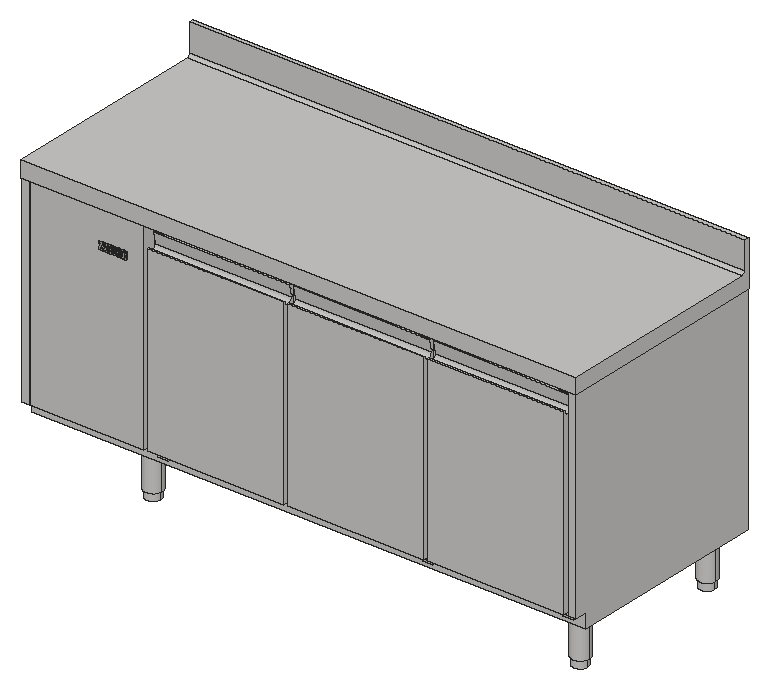
Revit family "QF_ZANUSSI_111101_ZH3K3AAA", category Specialty Equipment, Revit 2018 (continued)
Definition of nested family "ZAN_Cooling Unit"
  Lines and regions (mm)
    Split face 129
      outline origin (55.016, 2, -293.144) x (0, 0, 1) y (-1, 0, 0)
        loop
          arc (502.647, 116.535) -> (506.648, 112.533) -> (510.649, 116.535) r 4.001
          line (510.649, 116.535) -> (510.649, 158.547)
    Split face 130
      outline origin (110.032, 2, -113.091) x (0, 0, 1) y (-1, 0, 0)
        loop
          arc (510.649, 158.547) -> (506.648, 162.548) -> (502.647, 158.547) r 4.001
          line (502.647, 158.547) -> (502.647, 116.535)
          arc (502.647, 116.535) -> (506.648, 112.533) -> (510.649, 116.535) r 4.001
          line (510.649, 116.535) -> (510.649, 158.547)
    Split face 131
      outline origin (110.032, 2, -125.094) x (0, 0, 1) y (-1, 0, 0)
        loop
          arc (510.649, 158.547) -> (506.648, 162.548) -> (502.647, 158.547) r 4.001
          line (502.647, 158.547) -> (502.647, 116.535)
          arc (502.647, 116.535) -> (506.648, 112.533) -> (510.649, 116.535) r 4.001
          line (510.649, 116.535) -> (510.649, 158.547)
    Split face 132
      outline origin (110.032, 2, -137.098) x (0, 0, 1) y (-1, 0, 0)
        loop
          arc (510.649, 158.547) -> (506.648, 162.548) -> (502.647, 158.547) r 4.001
          line (502.647, 158.547) -> (502.647, 116.535)
          arc (502.647, 116.535) -> (506.648, 112.533) -> (510.649, 116.535) r 4.001
          line (510.649, 116.535) -> (510.649, 158.547)
    Split face 133
      outline origin (110.032, 2, -149.101) x (0, 0, 1) y (-1, 0, 0)
        loop
          arc (510.649, 158.547) -> (506.648, 162.548) -> (502.647, 158.547) r 4.001
          line (502.647, 158.547) -> (502.647, 116.535)
          arc (502.647, 116.535) -> (506.648, 112.533) -> (510.649, 116.535) r 4.001
          line (510.649, 116.535) -> (510.649, 158.547)
    Split face 134
      outline origin (110.032, 2, -161.105) x (0, 0, 1) y (-1, 0, 0)
        loop
          arc (510.649, 158.547) -> (506.648, 162.548) -> (502.647, 158.547) r 4.001
          line (502.647, 158.547) -> (502.647, 116.535)
          arc (502.647, 116.535) -> (506.648, 112.533) -> (510.649, 116.535) r 4.001
          line (510.649, 116.535) -> (510.649, 158.547)
    Split face 135
      outline origin (110.032, 2, -173.108) x (0, 0, 1) y (-1, 0, 0)
        loop
          arc (510.649, 158.547) -> (506.648, 162.548) -> (502.647, 158.547) r 4.001
          line (502.647, 158.547) -> (502.647, 116.535)
          arc (502.647, 116.535) -> (506.648, 112.533) -> (510.649, 116.535) r 4.001
          line (510.649, 116.535) -> (510.649, 158.547)
    Split face 136
      outline origin (110.032, 2, -185.112) x (0, 0, 1) y (-1, 0, 0)
        loop
          arc (510.649, 158.547) -> (506.648, 162.548) -> (502.647, 158.547) r 4.001
          line (502.647, 158.547) -> (502.647, 116.535)
          arc (502.647, 116.535) -> (506.648, 112.533) -> (510.649, 116.535) r 4.001
          line (510.649, 116.535) -> (510.649, 158.547)
    Split face 137
      outline origin (110.032, 2, -197.115) x (0, 0, 1) y (-1, 0, 0)
        loop
          arc (510.649, 158.547) -> (506.648, 162.548) -> (502.647, 158.547) r 4.001
          line (502.647, 158.547) -> (502.647, 116.535)
          arc (502.647, 116.535) -> (506.648, 112.533) -> (510.649, 116.535) r 4.001
          line (510.649, 116.535) -> (510.649, 158.547)
    Split face 138
      outline origin (110.032, 2, -209.119) x (0, 0, 1) y (-1, 0, 0)
        loop
          arc (510.649, 158.547) -> (506.648, 162.548) -> (502.647, 158.547) r 4.001
          line (502.647, 158.547) -> (502.647, 116.535)
          arc (502.647, 116.535) -> (506.648, 112.533) -> (510.649, 116.535) r 4.001
          line (510.649, 116.535) -> (510.649, 158.547)
    Split face 139
      outline origin (110.032, 2, -221.122) x (0, 0, 1) y (-1, 0, 0)
        loop
          arc (510.649, 158.547) -> (506.648, 162.548) -> (502.647, 158.547) r 4.001
          line (502.647, 158.547) -> (502.647, 116.535)
          arc (502.647, 116.535) -> (506.648, 112.533) -> (510.649, 116.535) r 4.001
          line (510.649, 116.535) -> (510.649, 158.547)
    Split face 140
      outline origin (110.032, 2, -233.126) x (0, 0, 1) y (-1, 0, 0)
        loop
          arc (510.649, 158.547) -> (506.648, 162.548) -> (502.647, 158.547) r 4.001
          line (502.647, 158.547) -> (502.647, 116.535)
          arc (502.647, 116.535) -> (506.648, 112.533) -> (510.649, 116.535) r 4.001
          line (510.649, 116.535) -> (510.649, 158.547)
    Split face 141
      outline origin (110.032, 2, -245.129) x (0, 0, 1) y (-1, 0, 0)
        loop
          arc (510.649, 158.547) -> (506.648, 162.548) -> (502.647, 158.547) r 4.001
          line (502.647, 158.547) -> (502.647, 116.535)
          arc (502.647, 116.535) -> (506.648, 112.533) -> (510.649, 116.535) r 4.001
          line (510.649, 116.535) -> (510.649, 158.547)
    Split face 142
      outline origin (110.032, 2, -257.133) x (0, 0, 1) y (-1, 0, 0)
        loop
          arc (510.649, 158.547) -> (506.648, 162.548) -> (502.647, 158.547) r 4.001
          line (502.647, 158.547) -> (502.647, 116.535)
          arc (502.647, 116.535) -> (506.648, 112.533) -> (510.649, 116.535) r 4.001
          line (510.649, 116.535) -> (510.649, 158.547)
    Split face 143
      outline origin (110.032, 2, -269.136) x (0, 0, 1) y (-1, 0, 0)
        loop
          arc (510.649, 158.547) -> (506.648, 162.548) -> (502.647, 158.547) r 4.001
          line (502.647, 158.547) -> (502.647, 116.535)
          arc (502.647, 116.535) -> (506.648, 112.533) -> (510.649, 116.535) r 4.001
          line (510.649, 116.535) -> (510.649, 158.547)
    Split face 144
      outline origin (110.032, 2, -281.14) x (0, 0, 1) y (-1, 0, 0)
        loop
          arc (510.649, 158.547) -> (506.648, 162.548) -> (502.647, 158.547) r 4.001
          line (502.647, 158.547) -> (502.647, 116.535)
          arc (502.647, 116.535) -> (506.648, 112.533) -> (510.649, 116.535) r 4.001
          line (510.649, 116.535) -> (510.649, 158.547)
    Split face 145
      outline origin (110.032, 2, -293.144) x (0, 0, 1) y (-1, 0, 0)
        loop
          arc (510.649, 158.547) -> (506.648, 162.548) -> (502.647, 158.547) r 4.001
          line (502.647, 158.547) -> (502.647, 116.535)
          arc (502.647, 116.535) -> (506.648, 112.533) -> (510.649, 116.535) r 4.001
          line (510.649, 116.535) -> (510.649, 158.547)
    Split face 146
      outline origin (165.048, 2, -113.091) x (0, 0, 1) y (-1, 0, 0)
        loop
          arc (510.649, 158.547) -> (506.648, 162.548) -> (502.647, 158.547) r 4.001
          line (502.647, 158.547) -> (502.647, 116.535)
          arc (502.647, 116.535) -> (506.648, 112.533) -> (510.649, 116.535) r 4.001
          line (510.649, 116.535) -> (510.649, 158.547)
    Split face 147
      outline origin (165.048, 2, -125.094) x (0, 0, 1) y (-1, 0, 0)
        loop
          arc (510.649, 158.547) -> (506.648, 162.548) -> (502.647, 158.547) r 4.001
          line (502.647, 158.547) -> (502.647, 116.535)
          arc (502.647, 116.535) -> (506.648, 112.533) -> (510.649, 116.535) r 4.001
          line (510.649, 116.535) -> (510.649, 158.547)
    Split face 148
      outline origin (165.048, 2, -137.098) x (0, 0, 1) y (-1, 0, 0)
        loop
          arc (510.649, 158.547) -> (506.648, 162.548) -> (502.647, 158.547) r 4.001
          line (502.647, 158.547) -> (502.647, 116.535)
          arc (502.647, 116.535) -> (506.648, 112.533) -> (510.649, 116.535) r 4.001
          line (510.649, 116.535) -> (510.649, 158.547)
    Split face 149
      outline origin (165.048, 2, -149.101) x (0, 0, 1) y (-1, 0, 0)
        loop
          arc (510.649, 158.547) -> (506.648, 162.548) -> (502.647, 158.547) r 4.001
          line (502.647, 158.547) -> (502.647, 116.535)
          arc (502.647, 116.535) -> (506.648, 112.533) -> (510.649, 116.535) r 4.001
          line (510.649, 116.535) -> (510.649, 158.547)
    Split face 150
      outline origin (165.048, 2, -161.105) x (0, 0, 1) y (-1, 0, 0)
        loop
          arc (510.649, 158.547) -> (506.648, 162.548) -> (502.647, 158.547) r 4.001
          line (502.647, 158.547) -> (502.647, 116.535)
          arc (502.647, 116.535) -> (506.648, 112.533) -> (510.649, 116.535) r 4.001
          line (510.649, 116.535) -> (510.649, 158.547)
    Split face 151
      outline origin (165.048, 2, -173.108) x (0, 0, 1) y (-1, 0, 0)
        loop
          arc (510.649, 158.547) -> (506.648, 162.548) -> (502.647, 158.547) r 4.001
          line (502.647, 158.547) -> (502.647, 116.535)
          arc (502.647, 116.535) -> (506.648, 112.533) -> (510.649, 116.535) r 4.001
          line (510.649, 116.535) -> (510.649, 158.547)
    Split face 152
      outline origin (165.048, 2, -185.112) x (0, 0, 1) y (-1, 0, 0)
        loop
          arc (510.649, 158.547) -> (506.648, 162.548) -> (502.647, 158.547) r 4.001
          line (502.647, 158.547) -> (502.647, 116.535)
          arc (502.647, 116.535) -> (506.648, 112.533) -> (510.649, 116.535) r 4.001
          line (510.649, 116.535) -> (510.649, 158.547)
    Split face 153
      outline origin (165.048, 2, -197.115) x (0, 0, 1) y (-1, 0, 0)
        loop
          arc (510.649, 158.547) -> (506.648, 162.548) -> (502.647, 158.547) r 4.001
          line (502.647, 158.547) -> (502.647, 116.535)
          arc (502.647, 116.535) -> (506.648, 112.533) -> (510.649, 116.535) r 4.001
          line (510.649, 116.535) -> (510.649, 158.547)
    Split face 154
      outline origin (165.048, 2, -209.119) x (0, 0, 1) y (-1, 0, 0)
        loop
          arc (510.649, 158.547) -> (506.648, 162.548) -> (502.647, 158.547) r 4.001
          line (502.647, 158.547) -> (502.647, 116.535)
          arc (502.647, 116.535) -> (506.648, 112.533) -> (510.649, 116.535) r 4.001
          line (510.649, 116.535) -> (510.649, 158.547)
    Split face 155
      outline origin (165.048, 2, -221.122) x (0, 0, 1) y (-1, 0, 0)
        loop
          arc (510.649, 158.547) -> (506.648, 162.548) -> (502.647, 158.547) r 4.001
          line (502.647, 158.547) -> (502.647, 116.535)
          arc (502.647, 116.535) -> (506.648, 112.533) -> (510.649, 116.535) r 4.001
          line (510.649, 116.535) -> (510.649, 158.547)
    Split face 156
      outline origin (165.048, 2, -233.126) x (0, 0, 1) y (-1, 0, 0)
        loop
          arc (510.649, 158.547) -> (506.648, 162.548) -> (502.647, 158.547) r 4.001
          line (502.647, 158.547) -> (502.647, 116.535)
          arc (502.647, 116.535) -> (506.648, 112.533) -> (510.649, 116.535) r 4.001
          line (510.649, 116.535) -> (510.649, 158.547)
    Split face 157
      outline origin (165.048, 2, -245.129) x (0, 0, 1) y (-1, 0, 0)
        loop
          arc (510.649, 158.547) -> (506.648, 162.548) -> (502.647, 158.547) r 4.001
          line (502.647, 158.547) -> (502.647, 116.535)
          arc (502.647, 116.535) -> (506.648, 112.533) -> (510.649, 116.535) r 4.001
          line (510.649, 116.535) -> (510.649, 158.547)
    Split face 158
      outline origin (165.048, 2, -257.133) x (0, 0, 1) y (-1, 0, 0)
        loop
          arc (510.649, 158.547) -> (506.648, 162.548) -> (502.647, 158.547) r 4.001
          line (502.647, 158.547) -> (502.647, 116.535)
          arc (502.647, 116.535) -> (506.648, 112.533) -> (510.649, 116.535) r 4.001
          line (510.649, 116.535) -> (510.649, 158.547)
    Split face 159
      outline origin (165.048, 2, -269.136) x (0, 0, 1) y (-1, 0, 0)
        loop
          arc (510.649, 158.547) -> (506.648, 162.548) -> (502.647, 158.547) r 4.001
          line (502.647, 158.547) -> (502.647, 116.535)
          arc (502.647, 116.535) -> (506.648, 112.533) -> (510.649, 116.535) r 4.001
          line (510.649, 116.535) -> (510.649, 158.547)
    Split face 160
      outline origin (165.048, 2, -281.14) x (0, 0, 1) y (-1, 0, 0)
        loop
          arc (510.649, 158.547) -> (506.648, 162.548) -> (502.647, 158.547) r 4.001
          line (502.647, 158.547) -> (502.647, 116.535)
          arc (502.647, 116.535) -> (506.648, 112.533) -> (510.649, 116.535) r 4.001
          line (510.649, 116.535) -> (510.649, 158.547)
    Split face 161
      outline origin (165.048, 2, -293.144) x (0, 0, 1) y (-1, 0, 0)
        loop
          arc (510.649, 158.547) -> (506.648, 162.548) -> (502.647, 158.547) r 4.001
          line (502.647, 158.547) -> (502.647, 116.535)
          arc (502.647, 116.535) -> (506.648, 112.533) -> (510.649, 116.535) r 4.001
          line (510.649, 116.535) -> (510.649, 158.547)
    Split face 162
      outline origin (220.064, 2, -113.091) x (0, 0, 1) y (-1, 0, 0)
        loop
          arc (510.649, 158.547) -> (506.648, 162.548) -> (502.647, 158.547) r 4.001
          line (502.647, 158.547) -> (502.647, 116.535)
          arc (502.647, 116.535) -> (506.648, 112.533) -> (510.649, 116.535) r 4.001
          line (510.649, 116.535) -> (510.649, 158.547)
    Split face 163
      outline origin (220.064, 2, -125.094) x (0, 0, 1) y (-1, 0, 0)
        loop
          arc (510.649, 158.547) -> (506.648, 162.548) -> (502.647, 158.547) r 4.001
          line (502.647, 158.547) -> (502.647, 116.535)
          arc (502.647, 116.535) -> (506.648, 112.533) -> (510.649, 116.535) r 4.001
          line (510.649, 116.535) -> (510.649, 158.547)
    Split face 164
      outline origin (220.064, 2, -137.098) x (0, 0, 1) y (-1, 0, 0)
        loop
          arc (510.649, 158.547) -> (506.648, 162.548) -> (502.647, 158.547) r 4.001
          line (502.647, 158.547) -> (502.647, 116.535)
          arc (502.647, 116.535) -> (506.648, 112.533) -> (510.649, 116.535) r 4.001
          line (510.649, 116.535) -> (510.649, 158.547)
    Split face 165
      outline origin (220.064, 2, -149.101) x (0, 0, 1) y (-1, 0, 0)
        loop
          arc (510.649, 158.547) -> (506.648, 162.548) -> (502.647, 158.547) r 4.001
          line (502.647, 158.547) -> (502.647, 116.535)
          arc (502.647, 116.535) -> (506.648, 112.533) -> (510.649, 116.535) r 4.001
          line (510.649, 116.535) -> (510.649, 158.547)
    Split face 166
      outline origin (220.064, 2, -161.105) x (0, 0, 1) y (-1, 0, 0)
        loop
          arc (510.649, 158.547) -> (506.648, 162.548) -> (502.647, 158.547) r 4.001
          line (502.647, 158.547) -> (502.647, 116.535)
          arc (502.647, 116.535) -> (506.648, 112.533) -> (510.649, 116.535) r 4.001
          line (510.649, 116.535) -> (510.649, 158.547)
    Split face 167
      outline origin (220.064, 2, -173.108) x (0, 0, 1) y (-1, 0, 0)
        loop
          arc (510.649, 158.547) -> (506.648, 162.548) -> (502.647, 158.547) r 4.001
          line (502.647, 158.547) -> (502.647, 116.535)
          arc (502.647, 116.535) -> (506.648, 112.533) -> (510.649, 116.535) r 4.001
          line (510.649, 116.535) -> (510.649, 158.547)
    Split face 168
      outline origin (220.064, 2, -185.112) x (0, 0, 1) y (-1, 0, 0)
        loop
          arc (510.649, 158.547) -> (506.648, 162.548) -> (502.647, 158.547) r 4.001
          line (502.647, 158.547) -> (502.647, 116.535)
          arc (502.647, 116.535) -> (506.648, 112.533) -> (510.649, 116.535) r 4.001
          line (510.649, 116.535) -> (510.649, 158.547)
    Split face 169
      outline origin (220.064, 2, -197.115) x (0, 0, 1) y (-1, 0, 0)
        loop
          arc (510.649, 158.547) -> (506.648, 162.548) -> (502.647, 158.547) r 4.001
          line (502.647, 158.547) -> (502.647, 116.535)
          arc (502.647, 116.535) -> (506.648, 112.533) -> (510.649, 116.535) r 4.001
          line (510.649, 116.535) -> (510.649, 158.547)
    Split face 170
      outline origin (220.064, 2, -209.119) x (0, 0, 1) y (-1, 0, 0)
        loop
          arc (510.649, 158.547) -> (506.648, 162.548) -> (502.647, 158.547) r 4.001
          line (502.647, 158.547) -> (502.647, 116.535)
          arc (502.647, 116.535) -> (506.648, 112.533) -> (510.649, 116.535) r 4.001
          line (510.649, 116.535) -> (510.649, 158.547)
    Split face 171
      outline origin (220.064, 2, -221.122) x (0, 0, 1) y (-1, 0, 0)
        loop
          arc (510.649, 158.547) -> (506.648, 162.548) -> (502.647, 158.547) r 4.001
          line (502.647, 158.547) -> (502.647, 116.535)
          arc (502.647, 116.535) -> (506.648, 112.533) -> (510.649, 116.535) r 4.001
          line (510.649, 116.535) -> (510.649, 158.547)
    Split face 172
      outline origin (220.064, 2, -233.126) x (0, 0, 1) y (-1, 0, 0)
        loop
          arc (510.649, 158.547) -> (506.648, 162.548) -> (502.647, 158.547) r 4.001
          line (502.647, 158.547) -> (502.647, 116.535)
          arc (502.647, 116.535) -> (506.648, 112.533) -> (510.649, 116.535) r 4.001
          line (510.649, 116.535) -> (510.649, 158.547)
    Split face 173
      outline origin (220.064, 2, -245.129) x (0, 0, 1) y (-1, 0, 0)
        loop
          arc (510.649, 158.547) -> (506.648, 162.548) -> (502.647, 158.547) r 4.001
          line (502.647, 158.547) -> (502.647, 116.535)
          arc (502.647, 116.535) -> (506.648, 112.533) -> (510.649, 116.535) r 4.001
          line (510.649, 116.535) -> (510.649, 158.547)
    Split face 174
      outline origin (220.064, 2, -257.133) x (0, 0, 1) y (-1, 0, 0)
        loop
          arc (510.649, 158.547) -> (506.648, 162.548) -> (502.647, 158.547) r 4.001
          line (502.647, 158.547) -> (502.647, 116.535)
          arc (502.647, 116.535) -> (506.648, 112.533) -> (510.649, 116.535) r 4.001
          line (510.649, 116.535) -> (510.649, 158.547)
    Split face 175
      outline origin (220.064, 2, -269.136) x (0, 0, 1) y (-1, 0, 0)
        loop
          arc (510.649, 158.547) -> (506.648, 162.548) -> (502.647, 158.547) r 4.001
          line (502.647, 158.547) -> (502.647, 116.535)
          arc (502.647, 116.535) -> (506.648, 112.533) -> (510.649, 116.535) r 4.001
          line (510.649, 116.535) -> (510.649, 158.547)
    Split face 176
      outline origin (220.064, 2, -281.14) x (0, 0, 1) y (-1, 0, 0)
        loop
          arc (510.649, 158.547) -> (506.648, 162.548) -> (502.647, 158.547) r 4.001
          line (502.647, 158.547) -> (502.647, 116.535)
          arc (502.647, 116.535) -> (506.648, 112.533) -> (510.649, 116.535) r 4.001
          line (510.649, 116.535) -> (510.649, 158.547)
    Split face 177
      outline origin (220.064, 2, -293.144) x (0, 0, 1) y (-1, 0, 0)
        loop
          arc (510.649, 158.547) -> (506.648, 162.548) -> (502.647, 158.547) r 4.001
          line (502.647, 158.547) -> (502.647, 116.535)
          arc (502.647, 116.535) -> (506.648, 112.533) -> (510.649, 116.535) r 4.001
          line (510.649, 116.535) -> (510.649, 158.547)
    Split face 178
      outline origin (275.081, 2, -113.091) x (0, 0, 1) y (-1, 0, 0)
        loop
          arc (510.649, 158.547) -> (506.648, 162.548) -> (502.647, 158.547) r 4.001
          line (502.647, 158.547) -> (502.647, 116.535)
          arc (502.647, 116.535) -> (506.648, 112.533) -> (510.649, 116.535) r 4.001
          line (510.649, 116.535) -> (510.649, 158.547)
    Split face 179
      outline origin (275.081, 2, -125.094) x (0, 0, 1) y (-1, 0, 0)
        loop
          arc (510.649, 158.547) -> (506.648, 162.548) -> (502.647, 158.547) r 4.001
          line (502.647, 158.547) -> (502.647, 116.535)
          arc (502.647, 116.535) -> (506.648, 112.533) -> (510.649, 116.535) r 4.001
          line (510.649, 116.535) -> (510.649, 158.547)
    Split face 180
      outline origin (275.081, 2, -137.098) x (0, 0, 1) y (-1, 0, 0)
        loop
          arc (510.649, 158.547) -> (506.648, 162.548) -> (502.647, 158.547) r 4.001
          line (502.647, 158.547) -> (502.647, 116.535)
          arc (502.647, 116.535) -> (506.648, 112.533) -> (510.649, 116.535) r 4.001
          line (510.649, 116.535) -> (510.649, 158.547)
    Split face 181
      outline origin (275.081, 2, -149.101) x (0, 0, 1) y (-1, 0, 0)
        loop
          arc (510.649, 158.547) -> (506.648, 162.548) -> (502.647, 158.547) r 4.001
          line (502.647, 158.547) -> (502.647, 116.535)
          arc (502.647, 116.535) -> (506.648, 112.533) -> (510.649, 116.535) r 4.001
          line (510.649, 116.535) -> (510.649, 158.547)
    Split face 182
      outline origin (275.081, 2, -161.105) x (0, 0, 1) y (-1, 0, 0)
        loop
          arc (510.649, 158.547) -> (506.648, 162.548) -> (502.647, 158.547) r 4.001
          line (502.647, 158.547) -> (502.647, 116.535)
          arc (502.647, 116.535) -> (506.648, 112.533) -> (510.649, 116.535) r 4.001
          line (510.649, 116.535) -> (510.649, 158.547)
    Split face 183
      outline origin (275.081, 2, -173.108) x (0, 0, 1) y (-1, 0, 0)
        loop
          arc (510.649, 158.547) -> (506.648, 162.548) -> (502.647, 158.547) r 4.001
          line (502.647, 158.547) -> (502.647, 116.535)
          arc (502.647, 116.535) -> (506.648, 112.533) -> (510.649, 116.535) r 4.001
          line (510.649, 116.535) -> (510.649, 158.547)
    Split face 184
      outline origin (275.081, 2, -185.112) x (0, 0, 1) y (-1, 0, 0)
        loop
          arc (510.649, 158.547) -> (506.648, 162.548) -> (502.647, 158.547) r 4.001
          line (502.647, 158.547) -> (502.647, 116.535)
          arc (502.647, 116.535) -> (506.648, 112.533) -> (510.649, 116.535) r 4.001
          line (510.649, 116.535) -> (510.649, 158.547)
    Split face 185
      outline origin (275.081, 2, -197.115) x (0, 0, 1) y (-1, 0, 0)
        loop
          arc (510.649, 158.547) -> (506.648, 162.548) -> (502.647, 158.547) r 4.001
          line (502.647, 158.547) -> (502.647, 116.535)
          arc (502.647, 116.535) -> (506.648, 112.533) -> (510.649, 116.535) r 4.001
          line (510.649, 116.535) -> (510.649, 158.547)
    Split face 186
      outline origin (275.081, 2, -209.119) x (0, 0, 1) y (-1, 0, 0)
        loop
          arc (510.649, 158.547) -> (506.648, 162.548) -> (502.647, 158.547) r 4.001
          line (502.647, 158.547) -> (502.647, 116.535)
          arc (502.647, 116.535) -> (506.648, 112.533) -> (510.649, 116.535) r 4.001
          line (510.649, 116.535) -> (510.649, 158.547)
    Split face 187
      outline origin (275.081, 2, -221.122) x (0, 0, 1) y (-1, 0, 0)
        loop
          arc (510.649, 158.547) -> (506.648, 162.548) -> (502.647, 158.547) r 4.001
          line (502.647, 158.547) -> (502.647, 116.535)
          arc (502.647, 116.535) -> (506.648, 112.533) -> (510.649, 116.535) r 4.001
          line (510.649, 116.535) -> (510.649, 158.547)
    Split face 188
      outline origin (275.081, 2, -233.126) x (0, 0, 1) y (-1, 0, 0)
        loop
          arc (510.649, 158.547) -> (506.648, 162.548) -> (502.647, 158.547) r 4.001
          line (502.647, 158.547) -> (502.647, 116.535)
          arc (502.647, 116.535) -> (506.648, 112.533) -> (510.649, 116.535) r 4.001
          line (510.649, 116.535) -> (510.649, 158.547)
    Split face 189
      outline origin (275.081, 2, -245.129) x (0, 0, 1) y (-1, 0, 0)
        loop
          arc (510.649, 158.547) -> (506.648, 162.548) -> (502.647, 158.547) r 4.001
          line (502.647, 158.547) -> (502.647, 116.535)
          arc (502.647, 116.535) -> (506.648, 112.533) -> (510.649, 116.535) r 4.001
          line (510.649, 116.535) -> (510.649, 158.547)
    Split face 190
      outline origin (275.081, 2, -257.133) x (0, 0, 1) y (-1, 0, 0)
        loop
          arc (510.649, 158.547) -> (506.648, 162.548) -> (502.647, 158.547) r 4.001
          line (502.647, 158.547) -> (502.647, 116.535)
          arc (502.647, 116.535) -> (506.648, 112.533) -> (510.649, 116.535) r 4.001
          line (510.649, 116.535) -> (510.649, 158.547)
    Split face 191
      outline origin (275.081, 2, -269.136) x (0, 0, 1) y (-1, 0, 0)
        loop
          arc (510.649, 158.547) -> (506.648, 162.548) -> (502.647, 158.547) r 4.001
          line (502.647, 158.547) -> (502.647, 116.535)
          arc (502.647, 116.535) -> (506.648, 112.533) -> (510.649, 116.535) r 4.001
          line (510.649, 116.535) -> (510.649, 158.547)
    Split face 192
      outline origin (275.081, 2, -281.14) x (0, 0, 1) y (-1, 0, 0)
        loop
          arc (510.649, 158.547) -> (506.648, 162.548) -> (502.647, 158.547) r 4.001
          line (502.647, 158.547) -> (502.647, 116.535)
          arc (502.647, 116.535) -> (506.648, 112.533) -> (510.649, 116.535) r 4.001
          line (510.649, 116.535) -> (510.649, 158.547)
    Split face 193
      outline origin (275.081, 2, -293.144) x (0, 0, 1) y (-1, 0, 0)
        loop
          arc (510.649, 158.547) -> (506.648, 162.548) -> (502.647, 158.547) r 4.001
          line (502.647, 158.547) -> (502.647, 116.535)
          arc (502.647, 116.535) -> (506.648, 112.533) -> (510.649, 116.535) r 4.001
          line (510.649, 116.535) -> (510.649, 158.547)
    Split face 194
      outline origin (0, 2, 197) x (0, 0, 1) y (-1, 0, 0)
        loop
          spline (566.835, 20.381) -> (564.628, 19.058) -> (561.987, 18.027) -> (558.955, 17.386) -> (555.581, 17.244) -> (551.912, 17.703) -> (547.993, 18.863) -> (543.871, 20.83) -> (539.591, 23.706) -> (535.202, 27.594) -> (530.748, 32.597) -> (526.28, 38.824) -> (521.835, 46.362)
        loop
          spline (521.835, 58.392) -> (525.386, 49.242) -> (529.197, 41.481) -> (533.2, 35.023) -> (537.329, 29.786) -> (541.516, 25.684) -> (545.695, 22.634) -> (549.798, 20.552) -> (553.759, 19.355) -> (557.511, 18.958) -> (560.984, 19.275) -> (564.115, 20.227) -> (566.835, 21.726)
    Split face 195
      outline origin (0, 2, 197) x (0, 0, 1) y (-1, 0, 0)
        loop
          line (555.835, 149.5) -> (532.835, 149.5) -> (532.835, 94.5) -> (555.835, 94.5) -> (555.835, 149.5)
  Dimensions and locks
    aligned and locked: level to plane 2
  Nested families
    nested 1: "ZAN_Logo_S_Grey" at (85, 2, 741.213) x (1, 0, 0) z (0, -1, 0), visible <- "Show Logo", type "ZAN_Logo_S_Grey"
  Definition of nested family "ZAN_Logo_S_Grey"
    Parameters
      Default Elevation = 0 mm
    Reference planes
      plane 1 "Centro (Fronte/Retro)": y = 0
      plane 2: z = 0
      plane 3 "Centro (Sinistra/Destra)": x = 0
    Forms (mm)
      Extrusion 1, solid
        sketch origin (0, 0, 0) x (1, 0, 0) y (0, 1, 0)
          loop
            line (-1219.2, 1219.2) -> (-1219.2, -1219.2) -> (1219.2, -1219.2) -> (1219.2, 1219.2) -> (-1219.2, 1219.2)
        from 0 to -304.8
      Extrusion 2, solid
        sketch origin (17.793, -46.218, 0) x (-1, 0, 0) y (0, -1, 0)
          loop
            spline (-4.176, -58.079) -> (-3.496, -58.328) -> (-2.793, -58.512) -> (-2.075, -58.63) -> (-1.348, -58.682) -> (-0.619, -58.669) -> (0.106, -58.588) -> (0.818, -58.44) -> (1.512, -58.225) -> (2.18, -57.941) -> (2.817, -57.589) -> (3.414, -57.167) -> (3.966, -56.676)
            spline (3.966, -56.676) -> (4.293, -56.162) -> (4.575, -55.61) -> (4.81, -55.026) -> (5, -54.419) -> (5.146, -53.797) -> (5.247, -53.166) -> (5.304, -52.536) -> (5.318, -51.913) -> (5.288, -51.306) -> (5.217, -50.723) -> (5.103, -50.17) -> (4.949, -49.657)
            line (4.949, -49.657) -> (2.702, -46.428) -> (0.316, -44.323)
            spline (0.316, -44.323) -> (0.065, -44.115) -> (-0.195, -43.909) -> (-0.46, -43.704) -> (-0.729, -43.496) -> (-0.997, -43.282) -> (-1.263, -43.059) -> (-1.523, -42.825) -> (-1.774, -42.576) -> (-2.013, -42.309) -> (-2.238, -42.022) -> (-2.445, -41.712) -> (-2.632, -41.375)
            spline (-2.632, -41.375) -> (-2.666, -41.159) -> (-2.697, -40.934) -> (-2.722, -40.701) -> (-2.736, -40.465) -> (-2.736, -40.227) -> (-2.72, -39.989) -> (-2.682, -39.754) -> (-2.621, -39.524) -> (-2.533, -39.302) -> (-2.414, -39.091) -> (-2.261, -38.892) -> (-2.07, -38.708)
            line (-2.07, -38.708) -> (-0.245, -38.567)
            spline (-0.245, -38.567) -> (0.096, -38.8) -> (0.354, -39.074) -> (0.54, -39.381) -> (0.664, -39.716) -> (0.738, -40.073) -> (0.772, -40.445) -> (0.777, -40.825) -> (0.763, -41.208) -> (0.742, -41.588) -> (0.723, -41.957) -> (0.718, -42.309) -> (0.737, -42.638)
            line (0.737, -42.638) -> (5.65, -42.638)
            spline (5.65, -42.638) -> (5.708, -42.042) -> (5.741, -41.448) -> (5.747, -40.857) -> (5.723, -40.273) -> (5.668, -39.696) -> (5.58, -39.129) -> (5.457, -38.574) -> (5.297, -38.032) -> (5.098, -37.506) -> (4.857, -36.997) -> (4.574, -36.508) -> (4.247, -36.041)
            spline (4.247, -36.041) -> (3.844, -35.675) -> (3.409, -35.35) -> (2.946, -35.065) -> (2.458, -34.819) -> (1.949, -34.612) -> (1.421, -34.444) -> (0.88, -34.314) -> (0.326, -34.221) -> (-0.234, -34.165) -> (-0.8, -34.146) -> (-1.366, -34.163) -> (-1.93, -34.216)
            spline (-1.93, -34.216) -> (-2.526, -34.309) -> (-3.116, -34.448) -> (-3.695, -34.633) -> (-4.259, -34.861) -> (-4.801, -35.131) -> (-5.316, -35.444) -> (-5.799, -35.798) -> (-6.245, -36.191) -> (-6.648, -36.624) -> (-7.002, -37.095) -> (-7.303, -37.603) -> (-7.545, -38.146)
            spline (-7.545, -38.146) -> (-7.694, -38.815) -> (-7.792, -39.487) -> (-7.839, -40.158) -> (-7.836, -40.824) -> (-7.785, -41.482) -> (-7.685, -42.129) -> (-7.539, -42.762) -> (-7.347, -43.377) -> (-7.111, -43.97) -> (-6.83, -44.538) -> (-6.506, -45.078) -> (-6.141, -45.586)
            line (-6.141, -45.586) -> (-0.526, -50.64) -> (0.176, -51.482)
            spline (0.176, -51.482) -> (0.248, -51.66) -> (0.323, -51.843) -> (0.397, -52.03) -> (0.467, -52.22) -> (0.529, -52.412) -> (0.579, -52.605) -> (0.615, -52.798) -> (0.633, -52.989) -> (0.63, -53.179) -> (0.601, -53.366) -> (0.545, -53.55) -> (0.456, -53.728)
            spline (0.456, -53.728) -> (0.375, -53.892) -> (0.273, -54.034) -> (0.154, -54.155) -> (0.02, -54.258) -> (-0.126, -54.343) -> (-0.28, -54.412) -> (-0.441, -54.466) -> (-0.604, -54.508) -> (-0.767, -54.537) -> (-0.928, -54.556) -> (-1.082, -54.567) -> (-1.228, -54.57)
            line (-1.228, -54.57) -> (-2.632, -53.587) -> (-2.772, -50.64) -> (-7.405, -50.64)
            spline (-7.405, -50.64) -> (-7.41, -51.031) -> (-7.423, -51.432) -> (-7.44, -51.839) -> (-7.456, -52.251) -> (-7.469, -52.665) -> (-7.475, -53.079) -> (-7.468, -53.489) -> (-7.446, -53.894) -> (-7.404, -54.291) -> (-7.339, -54.679) -> (-7.247, -55.053) -> (-7.123, -55.412)
            spline (-7.123, -55.412) -> (-6.999, -55.693) -> (-6.837, -55.97) -> (-6.643, -56.244) -> (-6.422, -56.509) -> (-6.177, -56.765) -> (-5.913, -57.009) -> (-5.634, -57.238) -> (-5.346, -57.45) -> (-5.051, -57.643) -> (-4.755, -57.814) -> (-4.462, -57.96) -> (-4.176, -58.079)
          loop
            spline (-21.021, -55.552) -> (-20.633, -56.181) -> (-20.177, -56.736) -> (-19.661, -57.217) -> (-19.092, -57.627) -> (-18.478, -57.966) -> (-17.827, -58.237) -> (-17.147, -58.441) -> (-16.446, -58.578) -> (-15.73, -58.652) -> (-15.009, -58.662) -> (-14.29, -58.611) -> (-13.581, -58.5)
            spline (-13.581, -58.5) -> (-13.088, -58.407) -> (-12.595, -58.269) -> (-12.109, -58.088) -> (-11.636, -57.866) -> (-11.183, -57.605) -> (-10.756, -57.307) -> (-10.361, -56.974) -> (-10.004, -56.608) -> (-9.692, -56.211) -> (-9.431, -55.784) -> (-9.228, -55.33) -> (-9.089, -54.851)
            spline (-9.089, -54.851) -> (-8.873, -54.211) -> (-8.715, -53.559) -> (-8.615, -52.901) -> (-8.574, -52.241) -> (-8.592, -51.585) -> (-8.668, -50.938) -> (-8.802, -50.306) -> (-8.995, -49.693) -> (-9.247, -49.106) -> (-9.557, -48.55) -> (-9.925, -48.03) -> (-10.352, -47.551)
            line (-10.352, -47.551) -> (-15.546, -42.919) -> (-16.669, -41.234)
            spline (-16.669, -41.234) -> (-16.704, -41.021) -> (-16.735, -40.804) -> (-16.761, -40.583) -> (-16.778, -40.361) -> (-16.784, -40.139) -> (-16.774, -39.919) -> (-16.748, -39.701) -> (-16.7, -39.488) -> (-16.63, -39.28) -> (-16.533, -39.08) -> (-16.406, -38.889) -> (-16.248, -38.708)
            line (-16.248, -38.708) -> (-14.844, -38.427)
            spline (-14.844, -38.427) -> (-14.347, -38.545) -> (-13.969, -38.749) -> (-13.695, -39.028) -> (-13.508, -39.368) -> (-13.393, -39.757) -> (-13.335, -40.182) -> (-13.318, -40.63) -> (-13.326, -41.089) -> (-13.344, -41.546) -> (-13.356, -41.988) -> (-13.347, -42.403) -> (-13.3, -42.779)
            line (-13.3, -42.779) -> (-8.387, -42.638)
            spline (-8.387, -42.638) -> (-8.326, -42.034) -> (-8.288, -41.417) -> (-8.277, -40.794) -> (-8.299, -40.169) -> (-8.357, -39.548) -> (-8.457, -38.936) -> (-8.604, -38.339) -> (-8.803, -37.762) -> (-9.058, -37.21) -> (-9.375, -36.689) -> (-9.758, -36.204) -> (-10.212, -35.76)
            spline (-10.212, -35.76) -> (-10.793, -35.336) -> (-11.409, -34.976) -> (-12.054, -34.679) -> (-12.723, -34.445) -> (-13.409, -34.273) -> (-14.107, -34.163) -> (-14.811, -34.115) -> (-15.515, -34.127) -> (-16.213, -34.2) -> (-16.899, -34.333) -> (-17.568, -34.526) -> (-18.213, -34.777)
            spline (-18.213, -34.777) -> (-18.496, -34.897) -> (-18.783, -35.044) -> (-19.071, -35.216) -> (-19.357, -35.412) -> (-19.639, -35.629) -> (-19.915, -35.865) -> (-20.182, -36.119) -> (-20.438, -36.389) -> (-20.681, -36.672) -> (-20.907, -36.967) -> (-21.115, -37.272) -> (-21.301, -37.585)
            spline (-21.301, -37.585) -> (-21.55, -38.26) -> (-21.734, -38.948) -> (-21.854, -39.647) -> (-21.91, -40.351) -> (-21.901, -41.057) -> (-21.828, -41.761) -> (-21.69, -42.459) -> (-21.489, -43.148) -> (-21.222, -43.823) -> (-20.892, -44.48) -> (-20.497, -45.116) -> (-20.038, -45.726)
            line (-20.038, -45.726) -> (-14.142, -51.061) -> (-13.44, -52.886) -> (-14.002, -54.289) -> (-15.265, -54.57) -> (-16.669, -53.587) -> (-16.81, -50.78) -> (-21.582, -50.64)
            spline (-21.582, -50.64) -> (-21.558, -51.063) -> (-21.55, -51.491) -> (-21.554, -51.92) -> (-21.561, -52.35) -> (-21.567, -52.778) -> (-21.565, -53.201) -> (-21.547, -53.619) -> (-21.509, -54.029) -> (-21.444, -54.43) -> (-21.345, -54.818) -> (-21.206, -55.193) -> (-21.021, -55.552)
          loop
            line (-22.424, -34.216) -> (-27.337, -34.216) -> (-27.337, -58.22) -> (-22.424, -58.22) -> (-22.424, -34.216)
          loop
            line (14.213, -39.971) -> (14.213, -58.22) -> (19.126, -58.22) -> (19.126, -42.077) -> (18.845, -38.146) -> (18.424, -37.164) -> (17.442, -35.9) -> (16.459, -35.199) -> (14.494, -34.356) -> (13.511, -34.216) -> (11.265, -34.216) -> (10.142, -34.497) -> (8.458, -35.479) -> (6.493, -38.287) -> (6.352, -39.269) -> (6.352, -58.22) -> (11.265, -58.22) -> (11.265, -40.392) -> (11.827, -39.129) -> (13.371, -38.988) -> (14.213, -39.971)
          loop
            line (20.249, -58.22) -> (24.741, -58.22) -> (24.741, -42.919) -> (28.812, -58.22) -> (34.006, -58.22) -> (34.006, -34.216) -> (29.654, -34.216) -> (29.654, -50.078) -> (25.583, -34.216) -> (20.249, -34.216) -> (20.249, -58.22)
          loop
            line (50.149, -58.22) -> (62.361, -58.22) -> (62.361, -53.728) -> (55.904, -53.868) -> (62.923, -39.129) -> (62.923, -34.216) -> (50.149, -34.216) -> (50.149, -39.129) -> (57.517, -39.129) -> (50.149, -54.149) -> (50.149, -58.22)
          loop
            line (38.778, -58.22) -> (45.516, -58.22) -> (49.868, -34.216) -> (44.814, -34.216) -> (44.113, -38.848) -> (40.042, -38.848) -> (39.34, -34.216) -> (34.286, -34.216) -> (38.778, -58.22)
          loop
            line (43.551, -43.2) -> (40.744, -43.2) -> (42.147, -54.117) -> (43.551, -43.2)
        from 0 to 1.644
    Dimensions and locks
      aligned and locked: plane 2 to Extrusion 1
      aligned and locked: level to Extrusion 1
Definition of nested family "Freezer"
  Reference planes
    plane 1 "Center (Front/Back)": y = 0
    plane 2: z = 0
    plane 3 "Center (Left/Right)": x = 0
  Lines and regions (mm)
    detail lines, in view "Ref. Level"
      curve 1: spline (-500, 190, 0) -> (-493.185, 166.706, 0) -> (-473.205, 145, 0) -> (-441.421, 126.36, 0) -> (-400, 112.058, 0) -> (-351.764, 103.067, 0) -> (-300, 100, 0) -> (-248.236, 103.067, 0) -> (-200, 112.058, 0) -> (-158.579, 126.36, 0) -> (-126.795, 145, 0) -> (-106.815, 166.706, 0) -> (-100, 190, 0) -> (-106.815, 213.294, 0) -> (-126.795, 235, 0) -> (-158.579, 253.64, 0) -> (-200, 267.942, 0) -> (-248.236, 276.933, 0) -> (-300, 280, 0) -> (-351.764, 276.933, 0) -> (-400, 267.942, 0) -> (-441.421, 253.64, 0) -> (-473.205, 235, 0) -> (-493.185, 213.294, 0) -> (-500, 190, 0)
      curve 2: line (-220, 130, 0) -> (-220, 250, 0)
      curve 3: line (-271.962, 220, 0) -> (-168.038, 160, 0)
      curve 4: line (-271.962, 160, 0) -> (-168.038, 220, 0)
      curve 5: line (-200.884, 246.873, 0) -> (-220, 225, 0)
      curve 6: line (-220, 225, 0) -> (-239.116, 246.873, 0)
      curve 7: line (-250.311, 207.5, 0) -> (-260, 235.883, 0)
      curve 8: line (-279.736, 201.7, 0) -> (-250.311, 207.5, 0)
      curve 9: line (-250.311, 172.5, 0) -> (-279.736, 178.3, 0)
      curve 10: line (-260, 144.117, 0) -> (-250.311, 172.5, 0)
      curve 11: line (-220, 155, 0) -> (-239.116, 133.127, 0)
      curve 12: line (-200.884, 133.127, 0) -> (-220, 155, 0)
      curve 13: line (-189.689, 172.5, 0) -> (-180.304, 145.008, 0)
      curve 14: line (-161.188, 178.118, 0) -> (-189.689, 172.5, 0)
      curve 15: line (-189.689, 207.5, 0) -> (-161.188, 201.882, 0)
      curve 16: line (-180.304, 234.992, 0) -> (-189.689, 207.5, 0)
      curve 17: line (-380, 130, 0) -> (-380, 250, 0)
      curve 18: line (-431.962, 220, 0) -> (-328.038, 160, 0)
      curve 19: line (-431.962, 160, 0) -> (-328.038, 220, 0)
      curve 20: line (-360.884, 246.873, 0) -> (-380, 225, 0)
      curve 21: line (-380, 225, 0) -> (-399.116, 246.873, 0)
      curve 22: line (-410.311, 207.5, 0) -> (-419.696, 234.992, 0)
      curve 23: line (-438.812, 201.882, 0) -> (-410.311, 207.5, 0)
      curve 24: line (-410.311, 172.5, 0) -> (-438.812, 178.118, 0)
      curve 25: line (-419.696, 145.008, 0) -> (-410.311, 172.5, 0)
      curve 26: line (-380, 155, 0) -> (-399.116, 133.127, 0)
      curve 27: line (-360.884, 133.127, 0) -> (-380, 155, 0)
      curve 28: line (-349.689, 172.5, 0) -> (-340, 144.117, 0)
      curve 29: line (-320.264, 178.3, 0) -> (-349.689, 172.5, 0)
      curve 30: line (-349.689, 207.5, 0) -> (-320.264, 201.7, 0)
      curve 31: line (-340, 235.883, 0) -> (-349.689, 207.5, 0)
